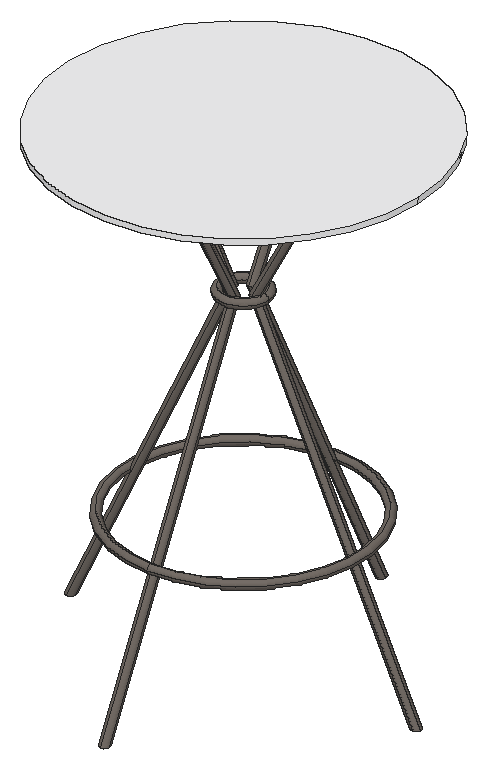
Revit family "FU_Table_Sandler_Corda 162-75", category Furniture, Revit 2020
Family settings
  OmniClass Number = 23.40.20.00
  OmniClass Title = General Furniture and Specialties
  Work Plane-Based = No
  Always vertical = Yes
  Cut with Voids When Loaded = No
  Shared = No
  Room Calculation Point = No
Parameters
  Width = 800 mm
  URL = "https://www.sandlerseating.com/product/corda-table-162-75/"
  Model = "Corda Table 162.75"
  Manufacturer = "Sandler"
  Height = 1090 mm
  HPL Top = HPL - Solid - White
  Frame Finish = Metal Lacquers - Burnished Brown
  Description = "Table with stratified laminate top on a powder coated steel base. Suitable for outdoor use. Diam. 32”"
  Depth = 800 mm
  Default Elevation = 0 mm
Reference planes
  plane 1 "Center (Front/Back)": y = 0
  plane 2: z = 0
  plane 3 "Center (Left/Right)": x = 0
  plane 4 "Right": x = -400
  plane 5 "Left": x = 400
  plane 6 "Back": y = 400
  plane 7 "Front": y = -400
  plane 8 "Height": z = 1090
  plane 9 "Seat height": z = 1078
  plane 10 "Center Loop Front": z = 759.924
  plane 11 "Center Low Support Front": z = 305.326
  plane 12: through (-388.076, -1524, 16.148) normal (-0.9, 0, 0.4359)
  plane 13: through (-32.622, -1524, 769.984) normal (-0.8786, 0, -0.4775)
Forms (mm)
  Sweep 1, solid, material "Metal Lacquers - Burnished Brown" <- "Frame Finish"
    path origin (0, 0, 0) x (1, 0, 0) y (0, 0, 1)
      loop
        line (-222.163, 1118.767) -> (-27.49, 760.54) -> (-419.845, -49.434)
    profile "Pro_Circles : 20mm" origin (-124.827, 0, 939.654) x (0.878641, 0, 0.477483) y (0, -1, 0)
      loop
        arc (-9.967, 0.067) -> (-7.115, -7.02) -> (-0.067, -9.967) r 9.901
        arc (-0.067, -9.967) -> (7.068, -7.068) -> (9.967, 0.067) r 9.901
        arc (9.967, 0.067) -> (7.02, 7.115) -> (-0.067, 9.967) r 9.901
        arc (-0.067, 9.967) -> (-7.067, 7.067) -> (-9.967, 0.067) r 9.9
  Sweep 2, solid, material "Metal Lacquers - Burnished Brown" <- "Frame Finish"
    path origin (0, 0, 0) x (-1, 0, 0) y (0, 0, 1)
      loop
        line (-222.163, 1118.767) -> (-27.49, 760.54) -> (-419.845, -49.434)
    profile "Pro_Circles : 20mm" origin (124.827, 0, 939.654) x (0.878641, 0, -0.477483) y (0, -1, 0)
      loop
        arc (9.967, 0.067) -> (7.067, 7.067) -> (0.067, 9.967) r 9.9
        arc (0.067, 9.967) -> (-7.02, 7.115) -> (-9.967, 0.067) r 9.901
        arc (-9.967, 0.067) -> (-7.068, -7.068) -> (0.067, -9.967) r 9.901
        arc (0.067, -9.967) -> (7.115, -7.02) -> (9.967, 0.067) r 9.901
  Sweep 3, solid, material "Metal Lacquers - Burnished Brown" <- "Frame Finish"
    path origin (0, 0, 0) x (0, 1, 0) y (0, 0, 1)
      loop
        line (-222.163, 1118.767) -> (-27.49, 760.54) -> (-419.845, -49.434)
    profile "Pro_Circles : 20mm" origin (0, -124.826, 939.654) x (0, 0.878641, 0.477483) y (1, 0, 0)
      loop
        arc (-9.967, 0.067) -> (-7.115, -7.02) -> (-0.067, -9.967) r 9.901
        arc (-0.067, -9.967) -> (7.068, -7.068) -> (9.967, 0.067) r 9.901
        arc (9.967, 0.067) -> (7.02, 7.115) -> (-0.067, 9.967) r 9.901
        arc (-0.067, 9.967) -> (-7.067, 7.067) -> (-9.967, 0.067) r 9.9
  Sweep 4, solid, material "Metal Lacquers - Burnished Brown" <- "Frame Finish"
    path origin (0, 0, 0) x (0, -1, 0) y (0, 0, -1)
      loop
        line (-222.163, -1118.767) -> (-27.49, -760.54) -> (-419.845, 49.434)
    profile "Pro_Circles : 20mm" origin (0, 124.827, 939.654) x (0, 0.878641, -0.477483) y (1, 0, 0)
      loop
        arc (9.967, 0.067) -> (7.067, 7.067) -> (0.067, 9.967) r 9.9
        arc (0.067, 9.967) -> (-7.02, 7.115) -> (-9.967, 0.067) r 9.901
        arc (-9.967, 0.067) -> (-7.068, -7.068) -> (0.067, -9.967) r 9.901
        arc (0.067, -9.967) -> (7.115, -7.02) -> (9.967, 0.067) r 9.901
  Extrusion 5, void
    sketch origin (0, 0, 0) x (1, 0, 0) y (0, 1, 0)
      loop
        line (-444.989, 20) -> (-444.989, -20) -> (-364.989, -20) -> (-364.989, 20) -> (-444.989, 20)
    from 0 to -60.125
  Extrusion 6, void
    sketch origin (0, 0, 0) x (-1, 0, 0) y (0, -1, 0)
      loop
        line (-444.989, -20) -> (-364.989, -20) -> (-364.989, 20) -> (-444.989, 20) -> (-444.989, -20)
    from 0 to -60.125
  Extrusion 7, void
    sketch origin (0, 0, 0) x (0, 1, 0) y (-1, 0, 0)
      loop
        line (-444.989, 20) -> (-444.989, -20) -> (-364.989, -20) -> (-364.989, 20) -> (-444.989, 20)
    from 0 to -60.125
  Extrusion 8, void
    sketch origin (0, 0, 0) x (0, -1, 0) y (1, 0, 0)
      loop
        line (-444.989, -20) -> (-364.989, -20) -> (-364.989, 20) -> (-444.989, 20) -> (-444.989, -20)
    from 0 to -60.125
  Extrusion 9, void
    sketch origin (0, 0, 1078) x (-1, 0, 0) y (0, -1, 0)
      loop
        line (242.29, -19.933) -> (242.29, 20.067) -> (173.55, 20.067) -> (173.55, -19.933) -> (242.29, -19.933)
    from 0 to 57.163
  Extrusion 10, void
    sketch origin (0, 0, 1078) x (1, 0, 0) y (0, 1, 0)
      loop
        line (242.29, 19.933) -> (173.55, 19.933) -> (173.55, -20.067) -> (242.29, -20.067) -> (242.29, 19.933)
    from 0 to 57.163
  Extrusion 11, void
    sketch origin (-0.067, -0.067, 1078) x (0, -1, 0) y (1, 0, 0)
      loop
        line (242.29, -19.933) -> (242.29, 20.067) -> (173.55, 20.067) -> (173.55, -19.933) -> (242.29, -19.933)
    from 0 to 57.163
  Extrusion 12, void
    sketch origin (-0.067, -0.067, 1078) x (0, 1, 0) y (-1, 0, 0)
      loop
        line (242.29, 19.933) -> (173.55, 19.933) -> (173.55, -20.067) -> (242.29, -20.067) -> (242.29, 19.933)
    from 0 to 57.163
  Sweep 13, solid, material "Metal Lacquers - Burnished Brown" <- "Frame Finish"
    path origin (0, 0, 759.924) x (-1, 0, 0) y (0, -1, 0)
      loop
        circle (0, 0) r 47.954
    profile "Pro_Circles : 20mm" origin (0, -47.954, 759.924) x (0, 1, 0) y (0, 0, 1)
      loop
        arc (-9.967, 0.067) -> (-7.115, -7.02) -> (-0.067, -9.967) r 9.901
        arc (-0.067, -9.967) -> (7.068, -7.068) -> (9.967, 0.067) r 9.901
        arc (9.967, 0.067) -> (7.02, 7.115) -> (-0.067, 9.967) r 9.901
        arc (-0.067, 9.967) -> (-7.067, 7.067) -> (-9.967, 0.067) r 9.9
  Sweep 14, solid, material "Metal Lacquers - Burnished Brown" <- "Frame Finish"
    path origin (0, 0, 305.326) x (0, -1, 0) y (1, 0, 0)
      loop
        circle (0, 0) r 265
    profile "Pro_Circles : 20mm" origin (-265, 0, 305.326) x (-1, 0, 0) y (0, 0, 1)
      loop
        arc (-9.967, 0.067) -> (-7.115, -7.02) -> (-0.067, -9.967) r 9.901
        arc (-0.067, -9.967) -> (7.068, -7.068) -> (9.967, 0.067) r 9.901
        arc (9.967, 0.067) -> (7.02, 7.115) -> (-0.067, 9.967) r 9.901
        arc (-0.067, 9.967) -> (-7.067, 7.067) -> (-9.967, 0.067) r 9.9
  Extrusion 15, solid, material "HPL - Solid - White" <- "HPL Top"
    sketch origin (0, 0, 1078) x (-1, 0, 0) y (0, -1, 0)
      loop
        circle (0, 0) r 400
    from 0 to 12
  Extrusion 16, solid, material "Metal Lacquers - Burnished Brown" <- "Frame Finish"
    sketch origin (0, 0, 1078) x (-1, 0, 0) y (0, -1, 0)
      loop
        circle (0, 0) r 227
      loop
        circle (0, 0) r 165
    from 0 to -5
Cuts and joins
  Extrusion 5, Extrusion 9 cuts Sweep 1
  Extrusion 7, Extrusion 11 cuts Sweep 3
  Extrusion 6, Extrusion 10 cuts Sweep 2
  Extrusion 8, Extrusion 12 cuts Sweep 4
Dimensions and locks
  equal spacing: plane 4 "Right", plane 3 "Center (Left/Right)", plane 5 "Left"
  "Width": plane 4 "Right" to plane 5 "Left"
  equal spacing: plane 6 "Back", plane 1 "Center (Front/Back)", plane 7 "Front"
  "Depth": plane 6 "Back" to plane 7 "Front"
  "Height": plane 8 "Height" to level
  plane 9 "Seat height" to level = 1078 mm
  aligned and locked: level to plane 2
Automatic sketch dimensions
  plane 12 to Sweep 1 sketch curve = 0 mm  (x2)
  Sweep 1 sketch curve to plane 13 = 0 mm
  plane 13 to Sweep 1 sketch curve = 0 mm
  plane 8 "Height" to Sweep 1 sketch curve = 28.767 mm
  plane 4 "Right" to Sweep 1 sketch curve = 19.845 mm
  Sweep 2 sketch curve to plane 10 "Center Loop Front" = 0.616 mm
  Sweep 2 sketch curve to plane 3 "Center (Left/Right)" = 27.49 mm
  Sweep 2 sketch curve to plane 8 "Height" = 28.767 mm
  Sweep 2 sketch curve to plane 5 "Left" = 177.837 mm
  plane 5 "Left" to Sweep 2 sketch curve = 19.845 mm
  level to Sweep 2 sketch curve = 49.434 mm
  plane 10 "Center Loop Front" to Sweep 3 sketch curve = 0.616 mm
  plane 1 "Center (Front/Back)" to Sweep 3 sketch curve = 27.49 mm
  plane 8 "Height" to Sweep 3 sketch curve = 28.767 mm
  plane 7 "Front" to Sweep 3 sketch curve = 177.837 mm
  Sweep 3 sketch curve to plane 7 "Front" = 19.844 mm
  Sweep 3 sketch curve to level = 49.434 mm
  plane 10 "Center Loop Front" to Sweep 4 sketch curve = 0.616 mm
  Sweep 4 sketch curve to plane 1 "Center (Front/Back)" = 27.491 mm
  plane 8 "Height" to Sweep 4 sketch curve = 28.767 mm
  Sweep 4 sketch curve to plane 6 "Back" = 177.837 mm
  plane 6 "Back" to Sweep 4 sketch curve = 19.845 mm
  Sweep 4 sketch curve to level = 49.434 mm
  plane 1 "Center (Front/Back)" to Extrusion 5 sketch curve = 20 mm
  plane 4 "Right" to Extrusion 5 sketch curve = 44.989 mm
  Extrusion 5 sketch curve to plane 4 "Right" = 35.011 mm
  Extrusion 5 sketch curve to plane 1 "Center (Front/Back)" = 20 mm
  Extrusion 6 sketch curve to plane 1 "Center (Front/Back)" = 20 mm
  plane 5 "Left" to Extrusion 6 sketch curve = 44.989 mm
  Extrusion 6 sketch curve to plane 5 "Left" = 35.011 mm
  plane 1 "Center (Front/Back)" to Extrusion 6 sketch curve = 20 mm
  plane 3 "Center (Left/Right)" to Extrusion 7 sketch curve = 20 mm
  Extrusion 7 sketch curve to plane 7 "Front" = 44.989 mm
  plane 7 "Front" to Extrusion 7 sketch curve = 35.011 mm
  Extrusion 7 sketch curve to plane 3 "Center (Left/Right)" = 20 mm
  plane 3 "Center (Left/Right)" to Extrusion 8 sketch curve = 20 mm
  plane 6 "Back" to Extrusion 8 sketch curve = 44.989 mm
  Extrusion 8 sketch curve to plane 6 "Back" = 35.011 mm
  Extrusion 8 sketch curve to plane 3 "Center (Left/Right)" = 20 mm
  Extrusion 9 sketch curve to plane 1 "Center (Front/Back)" = 19.933 mm
  Extrusion 9 sketch curve to plane 3 "Center (Left/Right)" = 173.55 mm
  plane 1 "Center (Front/Back)" to Extrusion 9 sketch curve = 20.067 mm
  Extrusion 9 sketch curve to Extrusion 9 sketch curve = 68.741 mm
  plane 1 "Center (Front/Back)" to Extrusion 10 sketch curve = 19.933 mm
  Extrusion 10 sketch curve to plane 3 "Center (Left/Right)" = 173.55 mm
  Extrusion 10 sketch curve to plane 1 "Center (Front/Back)" = 20.067 mm
  Extrusion 10 sketch curve to Extrusion 10 sketch curve = 68.741 mm
  Extrusion 11 sketch curve to plane 3 "Center (Left/Right)" = 20 mm
  plane 1 "Center (Front/Back)" to Extrusion 11 sketch curve = 173.616 mm
  plane 3 "Center (Left/Right)" to Extrusion 11 sketch curve = 20 mm
  Extrusion 11 sketch curve to Extrusion 11 sketch curve = 68.741 mm
  Extrusion 12 sketch curve to plane 3 "Center (Left/Right)" = 20 mm
  Extrusion 12 sketch curve to plane 1 "Center (Front/Back)" = 173.483 mm
  plane 3 "Center (Left/Right)" to Extrusion 12 sketch curve = 20 mm
  Extrusion 12 sketch curve to Extrusion 12 sketch curve = 68.741 mm
  plane 1 "Center (Front/Back)" to Sweep 13 sketch curve = 0 mm
  Sweep 13 sketch curve to plane 3 "Center (Left/Right)" = 0 mm
  plane 1 "Center (Front/Back)" to Sweep 14 sketch curve = 0 mm
  Sweep 14 sketch curve to plane 3 "Center (Left/Right)" = 0 mm
  plane 1 "Center (Front/Back)" to Extrusion 15 sketch curve = 0 mm
  Extrusion 15 sketch curve to plane 3 "Center (Left/Right)" = 0 mm
  Extrusion 16 sketch curve to Extrusion 16 sketch curve = 0 mm  (x2)
  plane 1 "Center (Front/Back)" to Extrusion 16 sketch curve = 0 mm
  Extrusion 16 sketch curve to plane 3 "Center (Left/Right)" = 0 mm
  radius of Sweep 13 sketch curve = 47.954 mm
  radius of Sweep 14 sketch curve = 265 mm
  radius of Extrusion 15 sketch curve = 400 mm
  radius of Extrusion 16 sketch curve = 227 mm
  radius of Extrusion 16 sketch curve = 165 mm
